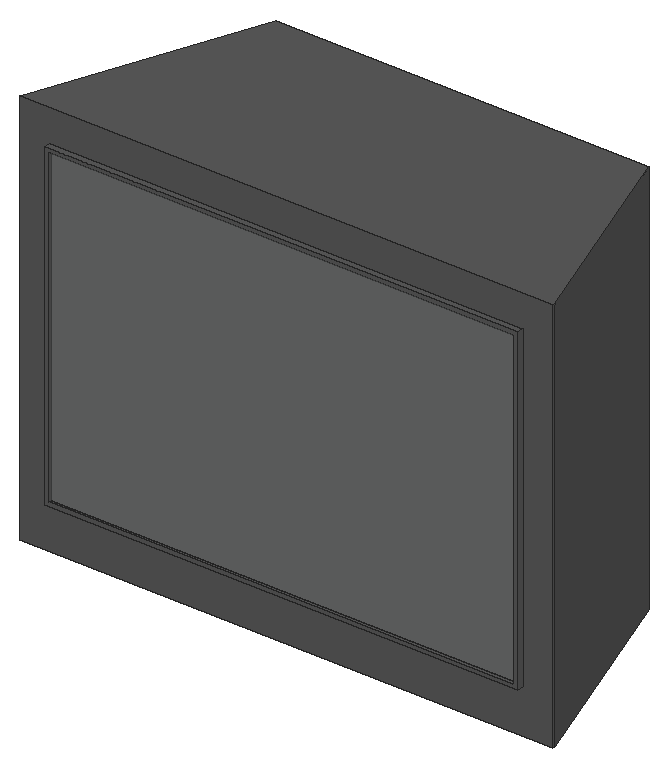
Revit family "EDRSQ38-1", category Generic Models, Revit 2023
Family settings
  Can host rebar = No
  Round Connector Dimension = Use Diameter
  Part Type = Normal
  Work Plane-Based = No
  Always vertical = Yes
  Cut with Voids When Loaded = No
  Maintain Annotation Orientation = No
  Shared = No
  Room Calculation Point = No
Parameters
  URL = "https://www.montigo.com/"
  Model = ""
  Manufacturer Fax = ""
  Manufacturer Website = "https://www.montigo.com/"
  Manufacturer Phone - Toll Free = "800-378-3115"
  Manufacturer Phone = ""
  Manufacturer Address = "27342 Gloucester Way  Langley, BC, Canada   V4W 4A1"
  Manufacturer = "Montigo"
  Keynote = ""
  Glazing Tint = Glass - Montigo - Tint as Specified
  Frame Material = Metal - Montigo - Black
  Firebox Material = Metal - Montigo - White
  Description = "Montigo Fireplace as Specified"
  Default Elevation = 0"
Reference planes (in)
  plane 1 "Center (Front/Back)": y = 0
  plane 2: z = 0
  plane 3 "Center (Left/Right)": x = 0
Forms (in)
  Extrusion 1, solid, material "Metal - Montigo - Black"
    sketch origin (0, 0, 0) x (1, 0, 0) y (0, 1, 0)
      loop
        line (-19, 15.625) -> (-19, 0) -> (19, 0) -> (19, 15.625) -> (-19, 15.625)
    from 0 to 28.3125
  Extrusion 2, void
    sketch origin (0, 0, 0) x (1, 0, 0) y (0, 1, 0)
      loop
        line (19, 15.625) -> (13.32334, 15.625) -> (19, 0.16709) -> (19, 15.625)
      loop
        line (-13.23426, 15.625) -> (-19, 15.625) -> (-19, 0.0441) -> (-13.23426, 15.625)
    from 0 to 28.3125
  Extrusion 3, solid, material "Metal - Montigo - Black"
    sketch origin (0, 0, 0) x (1, 0, 0) y (0, 1, 0)
      loop
        line (-16.84375, 0) -> (-16.84375, -0.46957) -> (16.84375, -0.46957) -> (16.84375, 0) -> (-16.84375, 0)
    from 3.16797 to 26.04297
  Extrusion 4, void
    sketch origin (19.1875, -6.15625, 0) x (-1, 0, 0) y (0, 0, -1)
      loop
        line (35.78125, -25.79297) -> (35.78125, -3.41797) -> (2.59375, -3.41797) -> (2.59375, -25.79297) -> (35.78125, -25.79297)
    from -5.91234 to -5.67115
Cuts and joins
  Extrusion 2 cuts Extrusion 1
  Extrusion 4 cuts Extrusion 3
Lines and regions (in)
  symbolic lines
    curve 1: line (129.0333, -6.15625, 107.49519) -> (129.0333, -6.15625, 106.74519)
Dimensions and locks (in)
  cut or joined group of Extrusion 3, Extrusion 4 to cut or joined group of Extrusion 3, Extrusion 4 = 33 11/16"
  cut or joined group of Extrusion 1, Extrusion 2 to cut or joined group of Extrusion 1, Extrusion 2 = 38"
  aligned and locked: level to plane 2
